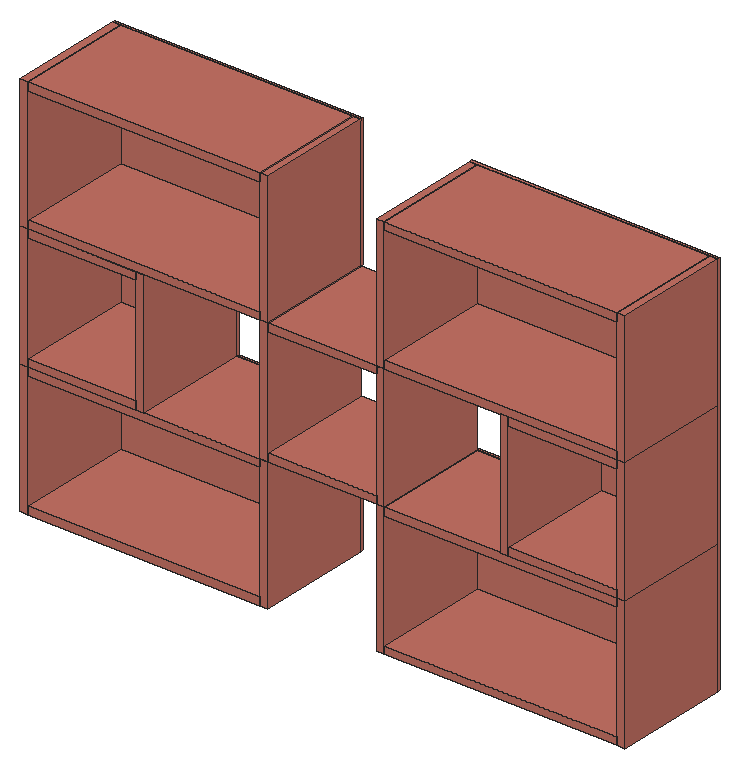
Revit family
Reference planes (in)
  plane 1 "Center (Front/Back)": y = 0
  plane 2: z = 0
  plane 3 "Center (Left/Right)": x = 0
  plane 4: x = 6
  plane 5: x = -6
  plane 6: x = -5.25
  plane 7: x = 5.25
  plane 8: y = -5.625
  plane 9: y = 5.625
  plane 10: z = 67.9626
  plane 11: z = 30.4626
  plane 12: z = 55.9626
  plane 13: z = 42.4626
  plane 14: z = 55.2126
  plane 15: z = 43.2126
  plane 16: z = 67.2126
  plane 17: z = 31.2126
  plane 18: x = 29.25
  plane 19: x = -29.25
  plane 20: x = -28.5
  plane 21: x = 28.5
Forms (in)
  Extrusion 1, solid, material "Bookcase"
    sketch origin (0, 0, 0) x (1, 0, 0) y (0, 1, 0)
      loop
        line (-6, 5.625) -> (-6, -5.625) -> (-5.25, -5.625) -> (-5.25, 5.625) -> (-6, 5.625)
      loop
        line (5.25, -5.625) -> (6, -5.625) -> (6, 5.625) -> (5.25, 5.625) -> (5.25, -5.625)
    from 43.2126 to 55.2126
  Extrusion 2, solid, material "Bookcase"
    sketch origin (0, 0, 0) x (1, 0, 0) y (0, 0, 1)
      loop
        line (-5.25, 55.2126) -> (-5.25, 54.4626) -> (5.25, 54.4626) -> (5.25, 55.2126) -> (-5.25, 55.2126)
      loop
        line (5.25, 43.9626) -> (-5.25, 43.9626) -> (-5.25, 43.2126) -> (5.25, 43.2126) -> (5.25, 43.9626)
    from -5.625 to 5.625
  Extrusion 3, solid, material "Bookcase"
    sketch origin (23.25, 0, 0) x (1, 0, 0) y (0, 1, 0)
      loop
        line (-6, 5.625) -> (-6, -5.625) -> (-5.25, -5.625) -> (-5.25, 5.625) -> (-6, 5.625)
      loop
        line (5.25, -5.625) -> (6, -5.625) -> (6, 5.625) -> (5.25, 5.625) -> (5.25, -5.625)
    from 43.2126 to 55.2126
  Extrusion 4, solid, material "Bookcase"
    sketch origin (23.25, 0, 0) x (1, 0, 0) y (0, 0, 1)
      loop
        line (-5.25, 55.2126) -> (-5.25, 54.4626) -> (5.25, 54.4626) -> (5.25, 55.2126) -> (-5.25, 55.2126)
      loop
        line (5.25, 43.9626) -> (-5.25, 43.9626) -> (-5.25, 43.2126) -> (5.25, 43.2126) -> (5.25, 43.9626)
    from -5.625 to 5.625
  Extrusion 5, solid, material "Bookcase"
    sketch origin (-23.25, 0, 0) x (1, 0, 0) y (0, 1, 0)
      loop
        line (-6, 5.625) -> (-6, -5.625) -> (-5.25, -5.625) -> (-5.25, 5.625) -> (-6, 5.625)
      loop
        line (5.25, -5.625) -> (6, -5.625) -> (6, 5.625) -> (5.25, 5.625) -> (5.25, -5.625)
    from 43.2126 to 55.2126
  Extrusion 6, solid, material "Bookcase"
    sketch origin (-23.25, 0, 0) x (1, 0, 0) y (0, 0, 1)
      loop
        line (-5.25, 55.2126) -> (-5.25, 54.4626) -> (5.25, 54.4626) -> (5.25, 55.2126) -> (-5.25, 55.2126)
      loop
        line (5.25, 43.9626) -> (-5.25, 43.9626) -> (-5.25, 43.2126) -> (5.25, 43.2126) -> (5.25, 43.9626)
    from -5.625 to 5.625
  Extrusion 7, solid, material "Bookcase"
    sketch origin (0, 0, 0) x (1, 0, 0) y (0, 0, 1)
      loop
        line (-29.25, 67.9626) -> (-29.25, 55.2126) -> (-28.5, 55.2126) -> (-28.5, 67.9626) -> (-29.25, 67.9626)
      loop
        line (-29.25, 43.2126) -> (-29.25, 30.4626) -> (-28.5, 30.4626) -> (-28.5, 43.2126) -> (-29.25, 43.2126)
      loop
        line (-5.25, 30.4626) -> (-5.25, 43.2126) -> (-6, 43.2126) -> (-6, 30.4626) -> (-5.25, 30.4626)
      loop
        line (-6, 55.2126) -> (-5.25, 55.2126) -> (-5.25, 67.9626) -> (-6, 67.9626) -> (-6, 55.2126)
      loop
        line (5.25, 55.2126) -> (6, 55.2126) -> (6, 67.9626) -> (5.25, 67.9626) -> (5.25, 55.2126)
      loop
        line (28.5, 67.9626) -> (28.5, 55.2126) -> (29.25, 55.2126) -> (29.25, 67.9626) -> (28.5, 67.9626)
      loop
        line (29.25, 43.2126) -> (28.5, 43.2126) -> (28.5, 30.4626) -> (29.25, 30.4626) -> (29.25, 43.2126)
      loop
        line (6, 30.4626) -> (6, 43.2126) -> (5.25, 43.2126) -> (5.25, 30.4626) -> (6, 30.4626)
    from -5.625 to 5.625
  Extrusion 8, solid, material "Bookcase"
    sketch origin (0, 0, 0) x (1, 0, 0) y (0, 0, 1)
      loop
        line (-28.5, 67.9626) -> (-28.5, 67.2126) -> (-6, 67.2126) -> (-6, 67.9626) -> (-28.5, 67.9626)
      loop
        line (-6, 55.9626) -> (-28.5, 55.9626) -> (-28.5, 55.2126) -> (-6, 55.2126) -> (-6, 55.9626)
      loop
        line (-28.5, 43.2126) -> (-28.5, 42.4626) -> (-6, 42.4626) -> (-6, 43.2126) -> (-28.5, 43.2126)
      loop
        line (-6, 30.4626) -> (-6, 31.2126) -> (-28.5, 31.2126) -> (-28.5, 30.4626) -> (-6, 30.4626)
      loop
        line (6, 30.4626) -> (28.5, 30.4626) -> (28.5, 31.2126) -> (6, 31.2126) -> (6, 30.4626)
      loop
        line (28.5, 55.2126) -> (28.5, 55.9626) -> (6, 55.9626) -> (6, 55.2126) -> (28.5, 55.2126)
      loop
        line (6, 67.9626) -> (6, 67.2126) -> (28.5, 67.2126) -> (28.5, 67.9626) -> (6, 67.9626)
      loop
        line (28.5, 43.2126) -> (6, 43.2126) -> (6, 42.4626) -> (28.5, 42.4626) -> (28.5, 43.2126)
    from -5.625 to 5.625
  Extrusion 9, solid, material "Bookcase"
    sketch origin (0, 0, 0) x (1, 0, 0) y (0, 0, 1)
      loop
        line (-29.25, 67.9626) -> (-29.25, 30.4626) -> (-5.25, 30.4626) -> (-5.25, 43.2126) -> (-17.25, 43.2126) -> (-17.25, 55.2126) -> (-5.25, 55.2126) -> (-5.25, 67.9626) -> (-29.25, 67.9626)
      loop
        line (29.25, 30.4626) -> (29.25, 67.9626) -> (5.25, 67.9626) -> (5.25, 55.2126) -> (17.25, 55.2126) -> (17.25, 43.2126) -> (5.25, 43.2126) -> (5.25, 30.4626) -> (29.25, 30.4626)
    from -5.89849 to -5.625
Dimensions and locks (in)
  plane 10 to plane 11 = 37 1/2"
  plane 18 to plane 19 = 58 1/2"
  plane 8 to plane 9 = 11 1/4"
